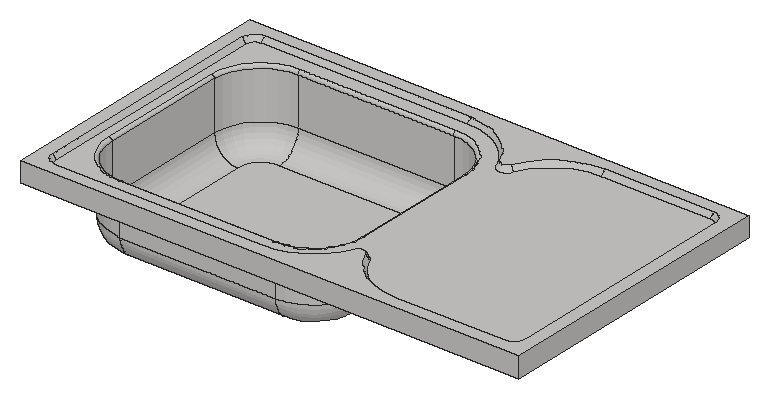
Revit family
Parameters (values of type "800 X 460")
  Waste Connection Diameter = 40 mm
  Width Of Bowl = 355 mm
  Waste Connection Radius = Waste Connection Diameter / 2  # 20 mm
  Waste Connection = 1 = 1  # yes
  WFU = 0
  Vent Connection = 1 = 0  # no
  URL = "http://www.autospec.co.za/browse.php?id=1937217983"
  Product Code = "SCO-800-SE"
  OmniClass Title = ""
  OmniClass Number = ""
  Modspec Classification = ""
  Specification = ""
  Material = Stainless Steel Grade 304
  Location (revit room) = ""
  Length Of Bowl = 400 mm
  HW Connection = 1 = 0  # no
  Description = ""
  Depth Of Bowl = 130 mm
  Colour = none
  CW Connection = 1 = 0  # no
  Body Finish = none
  Width = 460 mm
  Model = "Left Hand Sit-On Sink Single End Bowl SCO-800-SE"
  Manufacturer = "Kwikot"  # constant formula
  Length = 800 mm
  Assembly Code = "D2010410"
Reference planes
  plane 1 "Center (Front/Back)": y = 0
  plane 2 "Bottom": z = 0
  plane 3 "Center (Left/Right)": x = 0
  plane 4 "Right": x = 800
  plane 5 "Back": y = 460
  plane 6 "Top": z = 130
  plane 7: z = 98
  plane 8: x = 45
  plane 9: x = 445
  plane 10: y = 230
  plane 11: y = 407.5
  plane 12: y = 52.5
  plane 13: x = 245
  plane 14: z = 122
Forms (mm)
  Sweep 1, solid, material "Stainless Steel Grade 304" <- "Material"
    path origin (-60.109, -1524, 130) x (-1, 0, 0) y (0, -1, 0)
      loop
        line (-60.109, -1984) -> (-60.109, -1524) -> (-860.109, -1524) -> (-860.109, -1984) -> (-60.109, -1984)
    profile origin (400, 460, 130) x (0, 1, 0) y (0, 0, 1)
      loop
        line (-15, 0) -> (-15, -10.5) -> (-2.5, -10.5) -> (-2.5, -29.5) -> (-10, -29.5) -> (-10, -32) -> (0, -32) -> (0, 0) -> (-15, 0)
  Extrusion 2, solid, material "Stainless Steel Grade 304" <- "Material"
    sketch origin (-60.109, -1524, 130) x (-1, 0, 0) y (0, -1, 0)
      loop
        line (-75.109, -1539) -> (-845.109, -1539) -> (-845.109, -1969) -> (-75.109, -1969) -> (-75.109, -1539)
    from 0 to -10.5
  Extrusion 3, void
    sketch origin (-60.109, -1524, 130) x (0, -1, 0) y (-1, 0, 0)
      loop
        line (-1931.5, -180.109) -> (-1931.5, -430.109)
        arc (-1931.5, -430.109) -> (-1909.533, -483.142) -> (-1856.5, -505.109) r 75
        line (-1856.5, -505.109) -> (-1651.5, -505.109)
        arc (-1651.5, -505.109) -> (-1598.467, -483.142) -> (-1576.5, -430.109) r 75
        line (-1576.5, -430.109) -> (-1576.5, -180.109)
        arc (-1576.5, -180.109) -> (-1598.467, -127.076) -> (-1651.5, -105.109) r 75
        line (-1651.5, -105.109) -> (-1856.5, -105.109)
        arc (-1856.5, -105.109) -> (-1909.533, -127.076) -> (-1931.5, -180.109) r 75
    from 0 to 10.5
  Sweep 4, solid, material "Stainless Steel Grade 304" <- "Material"
    path origin (-60.109, -1524, 130) x (-1, 0, 0) y (0, -1, 0)
      loop
        arc (-180.109, -1931.5) -> (-127.076, -1909.533) -> (-105.109, -1856.5) r 75
        line (-105.109, -1856.5) -> (-105.109, -1651.5)
        arc (-105.109, -1651.5) -> (-127.076, -1598.467) -> (-180.109, -1576.5) r 75
        line (-180.109, -1576.5) -> (-430.109, -1576.5)
        arc (-430.109, -1576.5) -> (-483.142, -1598.467) -> (-505.109, -1651.5) r 75
        line (-505.109, -1651.5) -> (-505.109, -1856.5)
        arc (-505.109, -1856.5) -> (-483.142, -1909.533) -> (-430.109, -1931.5) r 75
        line (-430.109, -1931.5) -> (-180.109, -1931.5)
    profile origin (245, 407.5, 130) x (0, 1, 0) y (0, 0, 1)
      loop
        line (0, -10.5) -> (0, -90)
        arc (0, -90) -> (-10.983, -116.517) -> (-37.5, -127.5) r 37.5
        line (-37.5, -127.5) -> (-37.5, -130)
        arc (-37.5, -130) -> (-9.216, -118.284) -> (2.5, -90) r 40
        line (2.5, -90) -> (2.5, -10.5) -> (0, -10.5)
  Extrusion 5, solid, material "Stainless Steel Grade 304" <- "Material"
    sketch origin (0, 0, 0) x (1, 0, 0) y (0, 1, 0)
      loop
        arc (82.5, 127.5) -> (93.483, 100.983) -> (120, 90) r 37.5
        line (120, 90) -> (370, 90)
        arc (370, 90) -> (396.517, 100.983) -> (407.5, 127.5) r 37.5
        line (407.5, 127.5) -> (407.5, 332.5)
        arc (407.5, 332.5) -> (396.517, 359.017) -> (370, 370) r 37.5
        line (370, 370) -> (120, 370)
        arc (120, 370) -> (93.483, 359.017) -> (82.5, 332.5) r 37.5
        line (82.5, 332.5) -> (82.5, 127.5)
      loop
        circle (370, 230) r 20
    from 0 to 2.5
  Blend 6, void
    base sketch origin (0, 0, 130) x (-1, 0, 0) y (0, -1, 0)
      loop
        line (-20, -420) -> (-20, -40)
        arc (-20, -40) -> (-25.858, -25.858) -> (-40, -20) r 20
        line (-40, -20) -> (-370, -20)
        arc (-370, -20) -> (-428.699, -37.44) -> (-468.351, -84.103) r 107.5
        arc (-468.351, -84.103) -> (-477.5, -90.066) -> (-486.649, -84.103) r 10
        arc (-486.649, -84.103) -> (-526.301, -37.44) -> (-585, -20) r 107.5
        line (-585, -20) -> (-760, -20)
        arc (-760, -20) -> (-774.142, -25.858) -> (-780, -40) r 20
        line (-780, -40) -> (-780, -420)
        arc (-780, -420) -> (-774.142, -434.142) -> (-760, -440) r 20
        line (-760, -440) -> (-585, -440)
        arc (-585, -440) -> (-526.301, -422.56) -> (-486.649, -375.897) r 107.5
        arc (-486.649, -375.897) -> (-477.5, -369.934) -> (-468.351, -375.897) r 10
        arc (-468.351, -375.897) -> (-428.699, -422.56) -> (-370, -440) r 107.5
        line (-370, -440) -> (-40, -440)
        arc (-40, -440) -> (-25.858, -434.142) -> (-20, -420) r 20
    top sketch origin (0, 0, 130) x (-1, 0, 0) y (0, -1, 0)
      loop
        line (-25, -420) -> (-25, -40)
        arc (-25, -40) -> (-29.393, -29.393) -> (-40, -25) r 15
        line (-40, -25) -> (-370, -25)
        arc (-370, -25) -> (-425.968, -41.629) -> (-463.777, -86.121) r 102.5
        arc (-463.777, -86.121) -> (-477.5, -95.066) -> (-491.223, -86.121) r 15
        arc (-491.223, -86.121) -> (-529.032, -41.629) -> (-585, -25) r 102.5
        line (-585, -25) -> (-760, -25)
        arc (-760, -25) -> (-770.607, -29.393) -> (-775, -40) r 15
        line (-775, -40) -> (-775, -420)
        arc (-775, -420) -> (-770.607, -430.607) -> (-760, -435) r 15
        line (-760, -435) -> (-585, -435)
        arc (-585, -435) -> (-529.032, -418.371) -> (-491.223, -373.879) r 102.5
        arc (-491.223, -373.879) -> (-477.5, -364.934) -> (-463.777, -373.879) r 15
        arc (-463.777, -373.879) -> (-425.968, -418.371) -> (-370, -435) r 102.5
        line (-370, -435) -> (-40, -435)
        arc (-40, -435) -> (-29.393, -430.607) -> (-25, -420) r 15
    from 0 to -8
  Extrusion 7, solid, material "Stainless Steel Grade 304" <- "Material"
    sketch origin (0, 0, 0) x (1, 0, 0) y (0, 1, 0)
      loop
        circle (370, 230) r 20
    from 0 to -5
  Sweep 8, void
    path origin (-60.109, -1524, 130) x (-1, 0, 0) y (0, -1, 0)
      loop
        line (-430.109, -1931.5) -> (-180.109, -1931.5)
        arc (-180.109, -1931.5) -> (-127.076, -1909.533) -> (-105.109, -1856.5) r 75
        line (-105.109, -1856.5) -> (-105.109, -1651.5)
        arc (-105.109, -1651.5) -> (-127.076, -1598.467) -> (-180.109, -1576.5) r 75
        line (-180.109, -1576.5) -> (-430.109, -1576.5)
        arc (-430.109, -1576.5) -> (-483.142, -1598.467) -> (-505.109, -1651.5) r 75
        line (-505.109, -1651.5) -> (-505.109, -1856.5)
        arc (-505.109, -1856.5) -> (-483.142, -1909.533) -> (-430.109, -1931.5) r 75
    profile origin (245, 407.5, 130) x (0, -1, 0) y (0, 0, 1)
      loop
        line (0, -8) -> (-5, -8)
        arc (-5, -8) -> (-1.464, -9.464) -> (0, -13) r 5
        line (0, -13) -> (0, -8)
Cuts and joins
  Extrusion 3, Blend 6, Sweep 8 cuts Sweep 1
  Extrusion 3, Blend 6, Sweep 8 cuts Extrusion 2
  Blend 6, Sweep 8 cuts Sweep 4
  Blend 6, Sweep 8 cuts Extrusion 5
  Sweep 8 cuts Extrusion 7
  joined: Sweep 1, Extrusion 2, Sweep 4, Extrusion 5, Extrusion 7
Lines and regions (mm)
  symbolic lines
    curve 1: line (0, 460, 130) -> (0, 0, 130)
    curve 2: line (0, 0, 130) -> (800, 0, 130)
    curve 3: line (800, 0, 130) -> (800, 460, 130)
    curve 4: line (800, 460, 130) -> (0, 460, 130)
    curve 5: line (20, 40, 130) -> (20, 420, 130)
    curve 6: line (25, 420, 130) -> (25, 40, 130)
    curve 7: arc (20, 420, 130) -> (25.858, 434.142, 130) -> (40, 440, 130) r 20
    curve 8: arc (40, 435, 130) -> (29.393, 430.607, 130) -> (25, 420, 130) r 15
    curve 9: line (40, 440, 130) -> (370, 440, 130)
    curve 10: line (370, 435, 130) -> (40, 435, 130)
    curve 11: arc (370, 440, 130) -> (428.699, 422.56, 130) -> (468.351, 375.897, 130) r 107.5
    curve 12: arc (463.777, 373.879, 130) -> (425.968, 418.371, 130) -> (370, 435, 130) r 102.5
    curve 13: arc (468.351, 375.897, 130) -> (477.5, 369.934, 130) -> (486.649, 375.897, 130) r 10
    curve 14: arc (491.223, 373.879, 130) -> (477.5, 364.934, 130) -> (463.777, 373.879, 130) r 15
    curve 15: arc (486.649, 375.897, 130) -> (526.301, 422.56, 130) -> (585, 440, 130) r 107.5
    curve 16: arc (585, 435, 130) -> (529.032, 418.371, 130) -> (491.223, 373.879, 130) r 102.5
    curve 17: line (585, 440, 130) -> (760, 440, 130)
    curve 18: line (760, 435, 130) -> (585, 435, 130)
    curve 19: arc (760, 440, 130) -> (774.142, 434.142, 130) -> (780, 420, 130) r 20
    curve 20: arc (775, 420, 130) -> (770.607, 430.607, 130) -> (760, 435, 130) r 15
    curve 21: line (775, 40, 130) -> (775, 420, 130)
    curve 22: line (780, 420, 130) -> (780, 40, 130)
    curve 23: arc (780, 40, 130) -> (774.142, 25.858, 130) -> (760, 20, 130) r 20
    curve 24: arc (760, 25, 130) -> (770.607, 29.393, 130) -> (775, 40, 130) r 15
    curve 25: line (760, 20, 130) -> (585, 20, 130)
    curve 26: line (585, 25, 130) -> (760, 25, 130)
    curve 27: arc (585, 20, 130) -> (526.301, 37.44, 130) -> (486.649, 84.103, 130) r 107.5
    curve 28: arc (491.223, 86.121, 130) -> (529.032, 41.629, 130) -> (585, 25, 130) r 102.5
    curve 29: arc (463.777, 86.121, 130) -> (477.5, 95.066, 130) -> (491.223, 86.121, 130) r 15
    curve 30: arc (486.649, 84.103, 130) -> (477.5, 90.066, 130) -> (468.351, 84.103, 130) r 10
    curve 31: arc (468.351, 84.103, 130) -> (428.699, 37.44, 130) -> (370, 20, 130) r 107.5
    curve 32: arc (370, 25, 130) -> (425.968, 41.629, 130) -> (463.777, 86.121, 130) r 102.5
    curve 33: line (370, 20, 130) -> (40, 20, 130)
    curve 34: line (40, 25, 130) -> (370, 25, 130)
    curve 35: arc (40, 20, 130) -> (25.858, 25.858, 130) -> (20, 40, 130) r 20
    curve 36: arc (25, 40, 130) -> (29.393, 29.393, 130) -> (40, 25, 130) r 15
    curve 37: line (45, 332.5, 130) -> (45, 127.5, 130)
    curve 38: arc (120, 407.5, 130) -> (66.967, 385.533, 130) -> (45, 332.5, 130) r 75
    curve 39: line (370, 407.5, 130) -> (120, 407.5, 130)
    curve 40: arc (445, 332.5, 130) -> (423.033, 385.533, 130) -> (370, 407.5, 130) r 75
    curve 41: line (445, 127.5, 130) -> (445, 332.5, 130)
    curve 42: arc (370, 52.5, 130) -> (423.033, 74.467, 130) -> (445, 127.5, 130) r 75
    curve 43: line (120, 52.5, 130) -> (370, 52.5, 130)
    curve 44: arc (45, 127.5, 130) -> (66.967, 74.467, 130) -> (120, 52.5, 130) r 75
    curve 63: arc (390, 230, 130) -> (370, 210, 130) -> (350, 230, 130) r 20
    curve 64: arc (350, 230, 130) -> (370, 250, 130) -> (390, 230, 130) r 20
  model lines
    curve 45: line (755.771, 415, 122) -> (755.771, 45, 122)
    curve 46: arc (585, 415, 122) -> (526.664, 390.836, 122) -> (502.5, 332.5, 122) r 82.5
    curve 47: arc (502.5, 127.5, 122) -> (526.664, 69.164, 122) -> (585, 45, 122) r 82.5
    curve 48: line (502.5, 332.5, 122) -> (502.5, 127.5, 122)
    curve 49: line (585, 415, 122) -> (755.771, 415, 122)
    curve 50: line (585, 45, 122) -> (755.771, 45, 122)
    curve 51: line (755.771, 395, 122) -> (531.148, 395, 122)
    curve 52: line (755.771, 365, 122) -> (509.171, 365, 122)
    curve 53: line (755.771, 335, 122) -> (503.771, 335, 122)
    curve 54: line (755.771, 305, 122) -> (502.5, 305, 122)
    curve 55: line (755.771, 275, 122) -> (502.5, 275, 122)
    curve 56: line (755.771, 245, 122) -> (502.5, 245, 122)
    curve 57: line (755.771, 215, 122) -> (502.5, 215, 122)
    curve 58: line (755.771, 185, 122) -> (502.5, 185, 122)
    curve 59: line (755.771, 155, 122) -> (502.5, 155, 122)
    curve 60: line (755.771, 125, 122) -> (502.538, 125, 122)
    curve 61: line (755.771, 95, 122) -> (509.171, 95, 122)
    curve 62: line (755.771, 65, 122) -> (531.148, 65, 122)
Dimensions and locks
  "Length": plane 3 "Center (Left/Right)" to plane 4 "Right"
  "Width": plane 5 "Back" to plane 1 "Center (Front/Back)"
  "Depth Of Bowl": plane 6 "Top" to plane 2 "Bottom"
  equal spacing: plane 1 "Center (Front/Back)", plane 10, plane 5 "Back"
  "Length Of Bowl": plane 8 to plane 9
  "Width Of Bowl": plane 11 to plane 12
  equal spacing: plane 11, plane 10, plane 12
  equal spacing: plane 8, plane 13, plane 9
  plane 6 "Top" to plane 7 = 32 mm
  Sweep 1 sketch curve to plane 5 "Back" = 10 mm
  Sweep 1 sketch curve to plane 5 "Back" = 15 mm
  plane 6 "Top" to Sweep 1 sketch curve = 10.5 mm
  Sweep 1 sketch curve to plane 5 "Back" = 2.5 mm
  plane 7 to Sweep 1 sketch curve = 2.5 mm
  Extrusion 5 sketch curve to plane 9 = 75 mm
  plane 3 "Center (Left/Right)" to Blend 6 sketch curve = 20 mm
  Blend 6 sketch curve to plane 4 "Right" = 20 mm
  plane 5 "Back" to Blend 6 sketch curve = 20 mm
  plane 1 "Center (Front/Back)" to Blend 6 sketch curve = 20 mm
  var sketch to Blend 6 sketch curve = 5 mm  (x3)
  Blend 6 sketch curve to var sketch = 5 mm
  plane 6 "Top" to plane 14 = 8 mm
  plane 3 "Center (Left/Right)" to plane 8 = 45 mm
  radius of Extrusion 3 sketch curve = 75 mm  (x4)
  radius of Sweep 4 sketch curve = 37.5 mm
  radius of Sweep 4 sketch curve = 40 mm
  "Waste Connection Radius": radius of Extrusion 5 sketch curve
  radius of Blend 6 sketch curve = 20 mm  (x4)
  radius of Blend 6 sketch curve = 15 mm  (x6)
  radius of Blend 6 sketch curve = 107.5 mm  (x4)
  radius of Blend 6 sketch curve = 10 mm  (x2)
  radius of Blend 6 sketch curve = 102.5 mm  (x4)
  aligned and locked: level to plane 2 "Bottom"
  aligned and locked: Sweep 1 sketch curve to plane 5 "Back"
  aligned and locked: plane 3 "Center (Left/Right)" to Sweep 1 sketch curve
  aligned and locked: Sweep 1 sketch curve to plane 1 "Center (Front/Back)"
  aligned and locked: plane 4 "Right" to Sweep 1 sketch curve
  aligned and locked: Sweep 1 sketch curve to profile plane
  aligned and locked: plane 7 to Sweep 1 sketch curve
  aligned and locked: profile plane to Sweep 1 sketch curve
  aligned and locked: Extrusion 2 sketch curve to Sweep 1  (x4)
  aligned and locked: Sweep 1 to Extrusion 2
  aligned and locked: plane 6 "Top" to Extrusion 2
  aligned and locked: plane 11 to Extrusion 3 sketch curve
  aligned and locked: Extrusion 3 sketch curve to plane 8
  aligned and locked: Extrusion 3 sketch curve to plane 12
  aligned and locked: plane 9 to Extrusion 3 sketch curve
  aligned and locked: Sweep 1 to Extrusion 3
  aligned and locked: plane 6 "Top" to Extrusion 3
  aligned and locked: Sweep 4 sketch curve to cut or joined group of Sweep 1, Extrusion 2, Extrusion 3, Sweep 4, Extrusion 5, Blend 6, Extrusion 7, Sweep 8  (x5)
  aligned and locked: cut or joined group of Sweep 1, Extrusion 2, Extrusion 3, Sweep 4, Extrusion 5, Blend 6, Extrusion 7, Sweep 8 to Sweep 4 sketch curve
  aligned and locked: plane 2 "Bottom" to Sweep 4 sketch curve
  aligned and locked: Extrusion 5 sketch curve to cut or joined group of Sweep 1, Extrusion 2, Extrusion 3, Sweep 4, Extrusion 5, Blend 6, Extrusion 7, Sweep 8  (x4)
  aligned and locked: plane 10 to Extrusion 5 sketch curve
  aligned and locked: Blend 6 sketch curve to Blend 6 sketch curve  (x4)
  aligned and locked: curve 1 to cut or joined group of Sweep 1, Extrusion 2, Extrusion 3, Sweep 4, Extrusion 5, Blend 6, Extrusion 7, Sweep 8
  aligned and locked: curve 2 to cut or joined group of Sweep 1, Extrusion 2, Extrusion 3, Sweep 4, Extrusion 5, Blend 6, Extrusion 7, Sweep 8
  aligned and locked: curve 3 to cut or joined group of Sweep 1, Extrusion 2, Extrusion 3, Sweep 4, Extrusion 5, Blend 6, Extrusion 7, Sweep 8
  aligned and locked: curve 4 to cut or joined group of Sweep 1, Extrusion 2, Extrusion 3, Sweep 4, Extrusion 5, Blend 6, Extrusion 7, Sweep 8
  aligned and locked: curve 7 to cut or joined group of Sweep 1, Extrusion 2, Extrusion 3, Sweep 4, Extrusion 5, Blend 6, Extrusion 7, Sweep 8
  aligned and locked: curve 8 to cut or joined group of Sweep 1, Extrusion 2, Extrusion 3, Sweep 4, Extrusion 5, Blend 6, Extrusion 7, Sweep 8
  aligned and locked: curve 11 to cut or joined group of Sweep 1, Extrusion 2, Extrusion 3, Sweep 4, Extrusion 5, Blend 6, Extrusion 7, Sweep 8
  aligned and locked: curve 12 to cut or joined group of Sweep 1, Extrusion 2, Extrusion 3, Sweep 4, Extrusion 5, Blend 6, Extrusion 7, Sweep 8
  aligned and locked: curve 13 to cut or joined group of Sweep 1, Extrusion 2, Extrusion 3, Sweep 4, Extrusion 5, Blend 6, Extrusion 7, Sweep 8
  aligned and locked: curve 14 to cut or joined group of Sweep 1, Extrusion 2, Extrusion 3, Sweep 4, Extrusion 5, Blend 6, Extrusion 7, Sweep 8
  aligned and locked: curve 15 to cut or joined group of Sweep 1, Extrusion 2, Extrusion 3, Sweep 4, Extrusion 5, Blend 6, Extrusion 7, Sweep 8
  aligned and locked: curve 16 to cut or joined group of Sweep 1, Extrusion 2, Extrusion 3, Sweep 4, Extrusion 5, Blend 6, Extrusion 7, Sweep 8
  aligned and locked: curve 19 to cut or joined group of Sweep 1, Extrusion 2, Extrusion 3, Sweep 4, Extrusion 5, Blend 6, Extrusion 7, Sweep 8
  aligned and locked: curve 20 to cut or joined group of Sweep 1, Extrusion 2, Extrusion 3, Sweep 4, Extrusion 5, Blend 6, Extrusion 7, Sweep 8
  aligned and locked: curve 23 to cut or joined group of Sweep 1, Extrusion 2, Extrusion 3, Sweep 4, Extrusion 5, Blend 6, Extrusion 7, Sweep 8
  aligned and locked: curve 24 to cut or joined group of Sweep 1, Extrusion 2, Extrusion 3, Sweep 4, Extrusion 5, Blend 6, Extrusion 7, Sweep 8
  aligned and locked: curve 27 to cut or joined group of Sweep 1, Extrusion 2, Extrusion 3, Sweep 4, Extrusion 5, Blend 6, Extrusion 7, Sweep 8
  aligned and locked: curve 28 to cut or joined group of Sweep 1, Extrusion 2, Extrusion 3, Sweep 4, Extrusion 5, Blend 6, Extrusion 7, Sweep 8
  aligned and locked: curve 29 to cut or joined group of Sweep 1, Extrusion 2, Extrusion 3, Sweep 4, Extrusion 5, Blend 6, Extrusion 7, Sweep 8
  aligned and locked: curve 30 to cut or joined group of Sweep 1, Extrusion 2, Extrusion 3, Sweep 4, Extrusion 5, Blend 6, Extrusion 7, Sweep 8
  aligned and locked: curve 31 to cut or joined group of Sweep 1, Extrusion 2, Extrusion 3, Sweep 4, Extrusion 5, Blend 6, Extrusion 7, Sweep 8
  aligned and locked: curve 32 to cut or joined group of Sweep 1, Extrusion 2, Extrusion 3, Sweep 4, Extrusion 5, Blend 6, Extrusion 7, Sweep 8
  aligned and locked: curve 35 to cut or joined group of Sweep 1, Extrusion 2, Extrusion 3, Sweep 4, Extrusion 5, Blend 6, Extrusion 7, Sweep 8
  aligned and locked: curve 36 to cut or joined group of Sweep 1, Extrusion 2, Extrusion 3, Sweep 4, Extrusion 5, Blend 6, Extrusion 7, Sweep 8
  aligned and locked: curve 38 to cut or joined group of Sweep 1, Extrusion 2, Extrusion 3, Sweep 4, Extrusion 5, Blend 6, Extrusion 7, Sweep 8
  aligned and locked: curve 40 to cut or joined group of Sweep 1, Extrusion 2, Extrusion 3, Sweep 4, Extrusion 5, Blend 6, Extrusion 7, Sweep 8
  aligned and locked: curve 42 to cut or joined group of Sweep 1, Extrusion 2, Extrusion 3, Sweep 4, Extrusion 5, Blend 6, Extrusion 7, Sweep 8
  aligned and locked: curve 44 to cut or joined group of Sweep 1, Extrusion 2, Extrusion 3, Sweep 4, Extrusion 5, Blend 6, Extrusion 7, Sweep 8
  aligned and locked: Extrusion 7 sketch curve to cut or joined group of Sweep 1, Extrusion 2, Extrusion 3, Sweep 4, Extrusion 5, Blend 6, Extrusion 7, Sweep 8  (x2)
  aligned and locked: Sweep 8 sketch curve to cut or joined group of Sweep 1, Extrusion 2, Extrusion 3, Sweep 4, Extrusion 5, Blend 6, Extrusion 7, Sweep 8  (x4)
  aligned and locked: profile plane to Sweep 8 sketch curve
  aligned and locked: cut or joined group of Sweep 1, Extrusion 2, Extrusion 3, Sweep 4, Extrusion 5, Blend 6, Extrusion 7, Sweep 8 to Sweep 8 sketch curve
  aligned and locked: Blend 6 to Sweep 8
  aligned and locked: curve 63 to cut or joined group of Sweep 1, Extrusion 2, Extrusion 3, Sweep 4, Extrusion 5, Blend 6, Extrusion 7, Sweep 8
  aligned and locked: curve 64 to cut or joined group of Sweep 1, Extrusion 2, Extrusion 3, Sweep 4, Extrusion 5, Blend 6, Extrusion 7, Sweep 8
Automatic sketch dimensions
  Sweep 4 sketch curve to Sweep 4 sketch curve = 0 mm
  plane 9 to Blend 6 sketch curve = 41.649 mm  (x2)
  Blend 6 sketch curve to Blend 6 sketch curve = 0 mm  (x6)
  Blend 6 sketch curve to Blend 6 sketch curve = 18.298 mm
  Blend 6 sketch curve to Blend 6 sketch curve = 9.149 mm  (x2)
  Blend 6 sketch curve to Blend 6 sketch curve = 4.037 mm
  plane 9 to Blend 6 sketch curve = 46.223 mm  (x2)
  Blend 6 sketch curve to Blend 6 sketch curve = 13.723 mm  (x2)
  profile plane to Sweep 8 sketch curve = 5 mm
  Sweep 8 sketch curve to Sweep 8 sketch curve = 5 mm  (x2)
  Sweep 8 sketch curve to Sweep 8 sketch curve = 0 mm
  Sweep 8 sketch curve to profile plane = 0 mm
  plane 11 to curve 45 = 7.5 mm
  plane 4 "Right" to curve 45 = 44.229 mm
  curve 47 to plane 12 = 7.5 mm
  plane 9 to curve 47 = 140 mm
  plane 12 to curve 62 = 12.5 mm
  curve 50 to curve 62 = 53.852 mm
  curve 51 to plane 11 = 12.5 mm
  curve 46 to curve 51 = 53.852 mm
  curve 52 to curve 48 = 6.671 mm
  curve 61 to curve 48 = 6.671 mm
  curve 53 to curve 48 = 1.271 mm
  curve 60 to curve 48 = 0.038 mm
  curve 53 to curve 48 = 2.5 mm
  curve 46 to curve 54 = 27.5 mm
  curve 54 to curve 55 = 30 mm
  plane 10 to curve 56 = 15 mm
  curve 57 to plane 10 = 15 mm
  curve 57 to curve 58 = 30 mm
  curve 58 to curve 59 = 30 mm
Connectors
  piping at (370, 230, -5), driven by "Waste Connection Radius", driven by "WFU"
    settings: on cut or joined group of Sweep 1, Extrusion 2, Extrusion 3, Sweep 4, Extrusion 5, Blend 6, Extrusion 7, Sweep 8, index 1, connector radius 20 mm, flow factor 0, pipe flow 0.0 L/s, pressure drop 0.0 Pa, fitting loss kfactor 0, connector angle 0.00°, fixture units 0, flow configuration 3, flow direction 2, fitting loss method 4, system type 16, connector reference index -1, connector utility 0, adjustable connector no, is connector primary yes, fitting loss table "", connector description "Waste Connection"
